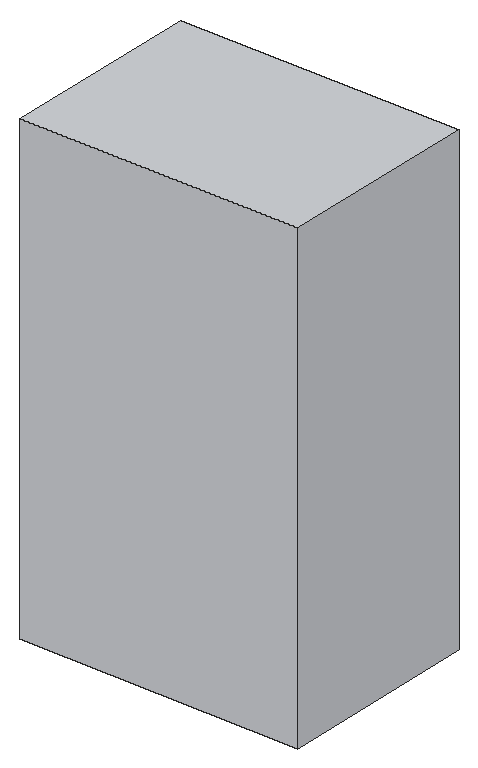
Revit family
Parameters
  Warranty Duration (Years) = 0
  Unit Width [instance] = 0' - 0"
  Unit Height [instance] = 0' - 0"
  Unit Depth = 0' - 0"
  URL = "http://www.americanspecialties.com/viewCategories.cfm"
  Test Data = ""
  Specification = "http://www.arcat.com/sdspecs/htm/10810asi.htm"
  SpecWizard = ""
  Send Message = "http://www.arcat.com/users.pl?action=UserEmail&company=American%20Specialties,%20Inc.&coid=30448&rep=139&fax=914-476-0688&mf="
  Sales Information = "http://www.americanspecialties.com/contact"
  Revision = "R1_10-2010"
  Product Properties = "http://www.americanspecialties.com/datasheets/045210AC-61.pdf"
  Product Data = "http://www.arcat.com/arcatcos/cos30/arc30448.html"
  Trim Material = Metal - Stainless Steel
  Model = "As Specified in 10 28 13"
  Manufacturer Website = "http://www.americanspecialties.com/viewCategories.cfm"
  Manufacturer Phone - Toll Free = ""
  Manufacturer Phone = "914-476-9000 "
  Manufacturer Fax = "914-476-0688"
  Manufacturer Address = "441 Saw Mill River Rd., Yonkers, NY 10701"
  Manufacturer = "American Specialties, Inc."
  Maintenance Schedule (Months) = 0
  Keynote = "10 28 13"
  Installation-Fabrication = "http://www.americanspecialties.com/products.cfm"
  Green Building-LEED = ""
  Expected Lifespan (Years) = 0
  Drawn By = "Robert S. Weygant. CSI, CDT, SCIP"  # constant formula
  Description = "Toilet Accessory as Specified in 10 28 13"
  Default Elevation = 4' - 0"
  Copyright = "©Arcat Inc."
  Construction Details = "http://www.arcat.com/green/clients/leed_data_30448.html"
  Building Codes = "http://www.americanspecialties.com/products.cfm"
  Body Material = Metal - Stainless Steel
  Assembly Code = "C1030210"
Reference planes (in)
  plane 1 "Center (Front/Back)": y = -0.29112
  plane 2 "Floor Line": z = 0
  plane 3 "Center (Left/Right)": x = -0.65843
  plane 4: y = 13.70888
  plane 5: y = -14.29112
  plane 6: x = -9.28343
  plane 7: x = 7.96657
  plane 8: z = 6.25
  plane 9: z = 0
  plane 10: y = -0.29112
  plane 11: z = 6
  plane 12: z = -4
Forms (in)
  Extrusion 1, solid
    sketch origin (-3.62887, -9, -6) x (0, 0, -1) y (1, 0, 0)
      loop
        line (-82, 26) -> (-82, -19.34712) -> (-6, -19.34712) -> (-6, 26) -> (-82, 26)
    from 8.29112 to -24.38084
  Extrusion 2, solid, material "Metal - Stainless Steel" <- "Body Material"
    sketch origin (0, 0, 6) x (1, 0, 0) y (0, 1, 0)
      loop
        line (-9.28343, 13.70888) -> (-9.28343, -14.29112) -> (7.96657, -14.29112) -> (7.96657, 13.70888) -> (-9.28343, 13.70888)
      loop
        line (-8.28343, -13.29112) -> (6.96657, -13.29112) -> (6.96657, 12.70888) -> (-8.28343, 12.70888) -> (-8.28343, -13.29112)
    from 0 to 0.25
  Extrusion 3, solid, material "Metal - Stainless Steel" <- "Body Material"
    sketch origin (0, 0, -10.25) x (1, 0, 0) y (0, 1, 0)
      loop
        line (-9.28343, -14.29112) -> (7.96657, -14.29112) -> (7.96657, 13.70888) -> (-9.28343, 13.70888) -> (-9.28343, -14.29112)
      loop
        line (-9.22093, -14.22862) -> (7.90407, -14.22862) -> (7.90407, 13.64638) -> (-9.22093, 13.64638) -> (-9.22093, -14.22862)
    from 10.25 to 16.25
  Extrusion 4, void
    sketch origin (0, 0.75, 0) x (1, 0, 0) y (0, 1, 0)
      loop
        arc (-4.90843, -2.86426) -> (-5.08521, -2.93748) -> (-5.15843, -3.11426) r 0.25
        line (-5.15843, -3.11426) -> (-5.15843, -4.61426)
        arc (-5.15843, -4.61426) -> (-5.08521, -4.79104) -> (-4.90843, -4.86426) r 0.25
        line (-4.90843, -4.86426) -> (3.59157, -4.86426)
        arc (3.59157, -4.86426) -> (3.76834, -4.79104) -> (3.84157, -4.61426) r 0.25
        line (3.84157, -4.61426) -> (3.84157, -3.11426)
        arc (3.84157, -3.11426) -> (3.76834, -2.93748) -> (3.59157, -2.86426) r 0.25
        line (3.59157, -2.86426) -> (-4.90843, -2.86426)
    from 1.75195 to 5.06414
  Extrusion 5, solid, material "Metal - Stainless Steel" <- "Trim Material"
    sketch origin (0, 0, 5.90353) x (1, 0, 0) y (0, 1, 0)
      loop
        circle (-7.22093, 6.20888) r 0.5
      loop
        line (-7.29666, 6.57741) -> (-7.29666, 5.88237) -> (-7.13348, 5.88237) -> (-7.13348, 6.57741) -> (-7.29666, 6.57741)
    from 0.25 to 0.40332
  Extrusion 6, solid, material "Metal - Stainless Steel" <- "Body Material"
    sketch origin (-0.65843, 0, 6.3975) x (0, 1, 0) y (0, 0, 1)
      loop
        line (-0.29112, -1.24866) -> (-2.42991, -1.78192)
        arc (-2.42991, -1.78192) -> (-4.34122, -3.02314) -> (-5.08319, -5.17795) r 3.5
        line (-5.08319, -5.17795) -> (-5.08319, -10.3975) -> (-4.33319, -10.3975) -> (-4.33319, -5.37327)
        arc (-4.33319, -5.37327) -> (-3.69722, -3.52629) -> (-2.05895, -2.46239) r 3
        line (-2.05895, -2.46239) -> (-0.29112, -2.02162) -> (-0.29112, -1.24866)
      loop
        line (9.98869, -10.3975) -> (9.84169, -8.71725)
        arc (9.84169, -8.71725) -> (9.52641, -8.06799) -> (8.97593, -7.60118) r 1.75
        arc (8.97593, -7.60118) -> (4.2663, -6.30118) -> (-0.53765, -7.19153) r 10.88794
        line (-0.53765, -7.19153) -> (-1.54112, -8.195) -> (-1.54112, -10.3975) -> (9.98869, -10.3975)
    from -6.58612 to 6.66597
  Extrusion 7, void
    sketch origin (0, 0.75, 0) x (0, -1, 0) y (1, 0, 0)
      loop
        arc (2.86426, -4.90843) -> (2.93748, -5.08521) -> (3.11426, -5.15843) r 0.25
        line (3.11426, -5.15843) -> (4.61426, -5.15843)
        arc (4.61426, -5.15843) -> (4.79104, -5.08521) -> (4.86426, -4.90843) r 0.25
        line (4.86426, -4.90843) -> (4.86426, 3.59157)
        arc (4.86426, 3.59157) -> (4.79104, 3.76834) -> (4.61426, 3.84157) r 0.25
        line (4.61426, 3.84157) -> (3.11426, 3.84157)
        arc (3.11426, 3.84157) -> (2.93748, 3.76834) -> (2.86426, 3.59157) r 0.25
        line (2.86426, 3.59157) -> (2.86426, -4.90843)
    from -4 to 0
  Extrusion 8, void
    sketch origin (-43.63679, -33.32909, 0) x (1, 0, 0) y (0, 1, 0)
      loop
        line (35.10336, 46.29197) -> (35.10336, 19.79197) -> (50.85336, 19.79197) -> (50.85336, 46.29197) -> (35.10336, 46.29197)
    from -4 to 0
  Extrusion 9, void
    sketch origin (0, 0, 0) x (1, 0, 0) y (0, 1, 0)
      loop
        line (-7.24455, -1.03938) -> (-6.99455, -1.03938) -> (-6.51697, -4.43757)
        arc (-6.51697, -4.43757) -> (-6.26631, -4.89922) -> (-5.77427, -5.08319) r 0.75
        line (-5.77427, -5.08319) -> (4.4574, -5.08319)
        arc (4.4574, -5.08319) -> (4.94944, -4.89922) -> (5.2001, -4.43757) r 0.75
        line (5.2001, -4.43757) -> (5.67768, -1.03938) -> (5.92768, -1.03938) -> (5.92768, 0.21062)
        arc (5.92768, 0.21062) -> (5.77927, 4.46062) -> (5.33475, 8.68991) r 60.92624
        line (5.33475, 8.68991) -> (5.08475, 8.68991) -> (4.91245, 9.7778)
        arc (4.91245, 9.7778) -> (4.82789, 9.92879) -> (4.66553, 9.98869) r 0.25
        line (4.66553, 9.98869) -> (-5.98239, 9.98869)
        arc (-5.98239, 9.98869) -> (-6.14476, 9.92879) -> (-6.22932, 9.7778) r 0.25
        line (-6.22932, 9.7778) -> (-6.40162, 8.68991) -> (-6.65162, 8.68991)
        arc (-6.65162, 8.68991) -> (-7.09614, 4.46062) -> (-7.24455, 0.21062) r 60.92624
        line (-7.24455, 0.21062) -> (-7.24455, -1.03938)
      loop
        line (-8.00632, 10.38832) -> (-8.00632, -5.36168) -> (6.49368, -5.36168) -> (6.49368, 10.38832) -> (-8.00632, 10.38832)
    from -4 to 5.42713
  Extrusion 10, solid, material "Metal - Stainless Steel" <- "Body Material"
    sketch origin (0, 0, 0) x (1, 0, 0) y (0, 1, 0)
      loop
        line (-8.28343, 12.70888) -> (-8.28343, -0.29112) -> (7.00359, -0.29112) -> (7.00359, 12.70888) -> (-8.28343, 12.70888)
      loop
        line (-6.40649, 8.81788) -> (-6.40649, 12.60097) -> (-8.19442, 12.60097) -> (-8.19442, 8.81788) -> (-6.40649, 8.81788)
    from 6 to 6.15353
  Extrusion 11, solid, material "Metal - Stainless Steel" <- "Trim Material"
    sketch origin (-0.00437, 0.00119, 6) x (1, 0, 0) y (0, 1, 0)
      loop
        line (-8.16094, 12.56948) -> (-8.16094, 8.847) -> (-6.43123, 8.847) -> (-6.43123, 12.56948) -> (-8.16094, 12.56948)
      loop
        arc (-7.83785, 12.18602) -> (-7.93173, 11.68602) -> (-7.83785, 11.18602) r 1.37849
        line (-7.83785, 11.18602) -> (-6.83785, 11.18602)
        arc (-6.83785, 11.18602) -> (-6.74401, 11.68602) -> (-6.83785, 12.18602) r 1.37891
        line (-6.83785, 12.18602) -> (-7.83785, 12.18602)
      loop
        arc (-7.83785, 10.27001) -> (-7.93173, 9.77001) -> (-7.83785, 9.27001) r 1.37849
        line (-7.83785, 9.27001) -> (-6.83785, 9.27001)
        arc (-6.83785, 9.27001) -> (-6.74401, 9.77001) -> (-6.83785, 10.27001) r 1.37891
        line (-6.83785, 10.27001) -> (-7.83785, 10.27001)
    from 0 to 0.25
  Extrusion 12, solid, material "Metal - Stainless Steel" <- "Trim Material"
    sketch origin (-0.00437, 0.00119, 6) x (1, 0, 0) y (0, 1, 0)
      loop
        line (-6.8594, 12.15477) -> (-7.8163, 12.15477)
        arc (-7.8163, 12.15477) -> (-7.90048, 11.68602) -> (-7.8163, 11.21727) r 1.34724
        line (-7.8163, 11.21727) -> (-6.8594, 11.21727)
        arc (-6.8594, 11.21727) -> (-6.77526, 11.68602) -> (-6.8594, 12.15477) r 1.34766
      loop
        line (-6.8594, 10.23876) -> (-7.8163, 10.23876)
        arc (-7.8163, 10.23876) -> (-7.90048, 9.77001) -> (-7.8163, 9.30126) r 1.34724
        line (-7.8163, 9.30126) -> (-6.8594, 9.30126)
        arc (-6.8594, 9.30126) -> (-6.77526, 9.77001) -> (-6.8594, 10.23876) r 1.34766
      loop
        line (-7.60625, 12.00144) -> (-7.60625, 11.59476) -> (-7.51728, 11.59476) -> (-7.51728, 12.00144) -> (-7.60625, 12.00144)
      loop
        line (-7.17823, 12.00144) -> (-7.17823, 11.59476) -> (-7.08926, 11.59476) -> (-7.08926, 12.00144) -> (-7.17823, 12.00144)
      loop
        line (-7.40696, 11.3392) -> (-7.279, 11.3392) -> (-7.279, 11.45833) -> (-7.40696, 11.45833) -> (-7.40696, 11.3392)
      loop
        line (-7.60625, 10.08543) -> (-7.60625, 9.67875) -> (-7.51728, 9.67875) -> (-7.51728, 10.08543) -> (-7.60625, 10.08543)
      loop
        line (-7.17823, 10.08543) -> (-7.17823, 9.67875) -> (-7.08926, 9.67875) -> (-7.08926, 10.08543) -> (-7.17823, 10.08543)
      loop
        line (-7.40696, 9.42319) -> (-7.279, 9.42319) -> (-7.279, 9.54233) -> (-7.40696, 9.54233) -> (-7.40696, 9.42319)
    from 0 to 0.25
Cuts and joins
  Extrusion 4, Extrusion 7, Extrusion 9 cuts Extrusion 2
  Extrusion 4, Extrusion 7, Extrusion 9 cuts Extrusion 6
  Extrusion 4, Extrusion 7, Extrusion 9 cuts Extrusion 3
  Extrusion 9 cuts Extrusion 5
Dimensions and locks (in)
  aligned and locked: plane 6 to Extrusion 2 sketch curve
  aligned and locked: plane 4 to Extrusion 2 sketch curve
  aligned and locked: plane 5 to Extrusion 2 sketch curve
  aligned and locked: Extrusion 2 sketch curve to plane 7
  aligned and locked: plane 8 to Extrusion 2
  aligned and locked: plane 11 to cut or joined group of Extrusion 3, Extrusion 4, Extrusion 7, Extrusion 9
  aligned and locked: cut or joined group of Extrusion 2, Extrusion 4, Extrusion 7, Extrusion 9 to plane 11
  aligned and locked: cut or joined group of Extrusion 3, Extrusion 4, Extrusion 7, Extrusion 9 to level
